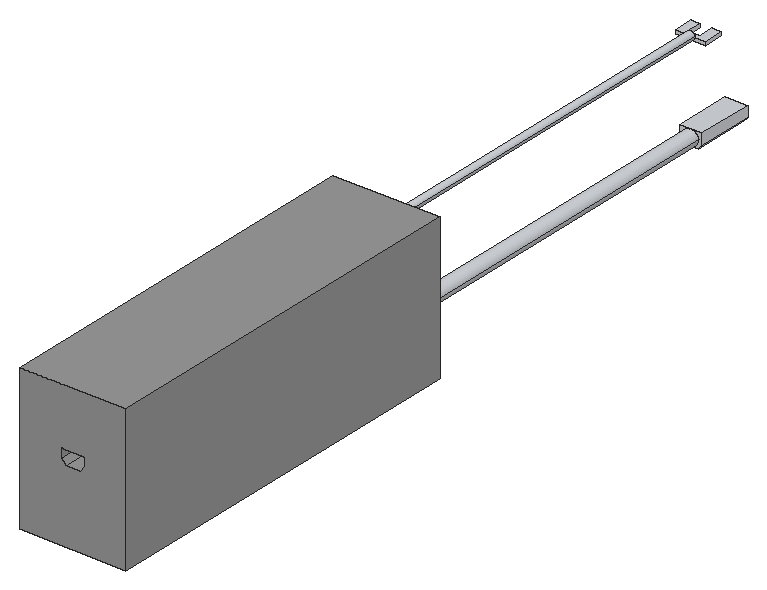
Revit family "Feinschutz für Ethernet-Netzwerke (Klasse D_CAT 5)", category Generic Models, Revit 2015
Parameters (values of type "RJ45 S-ATM 8-F")
  Width = 28 mm
  URL = "http://www.obo-bettermann.com"
  Material = Aluminum
  Manufacturer Art.No. = "5081990"
  Manufacturer = "OBO Bettermann"
  Length 1 = 218 mm
  Length = 103 mm
  Height = 38 mm
  GTIN = "4012196415694"
  Article Type = "RJ45 S-ATM 8-F"
Reference planes
  plane 1 "Center (Front/Back)": y = 0
  plane 2: z = 0
  plane 3 "Center (Left/Right)": x = 0
  plane 4: y = 103
  plane 5: y = 218
  plane 6: y = 15
  plane 7: y = 203
  plane 8: z = 31
  plane 9: z = 32
Forms (mm)
  Extrusion 1, solid, material "Aluminum" <- "Material"
    sketch origin (0, 0, 0) x (1, 0, 0) y (0, 0, 1)
      loop
        line (-14, 0) -> (14, 0) -> (14, 38) -> (-14, 38) -> (-14, 0)
    from 0 to -103
  Extrusion 2, void
    sketch origin (0, 0, 0) x (1, 0, 0) y (0, 0, 1)
      loop
        line (-3, 23) -> (-3, 20.555) -> (-2, 19) -> (2, 19) -> (3, 20.555) -> (3, 23) -> (-3, 23)
    from -15 to 0
  Extrusion 3, solid
    sketch origin (0, 0, 0) x (1, 0, 0) y (0, 0, 1)
      loop
        circle (0, 8) r 2
    from -203 to -103
  Extrusion 4, solid
    sketch origin (0, 0, 0) x (1, 0, 0) y (0, 0, 1)
      loop
        line (3, 9.998) -> (-3, 9.998) -> (-3, 7.081) -> (-2.012, 5.998) -> (2.026, 5.998) -> (3, 7.081) -> (3, 9.998)
    from -218 to -203
  Extrusion 5, solid
    sketch origin (0, 0, 0) x (1, 0, 0) y (0, 0, 1)
      loop
        circle (0, 31.995) r 1
    from -203 to -103
  Extrusion 6, solid
    sketch origin (0, 0, 0) x (1, 0, 0) y (0, 1, 0)
      loop
        line (4, 203) -> (4, 208) -> (1.5, 208) -> (1.5, 204) -> (-1.5, 204) -> (-1.5, 208) -> (-4, 208) -> (-4, 203) -> (4, 203)
    from 31 to 32
Cuts and joins
  Extrusion 2 cuts Extrusion 1
Dimensions and locks
  "Height": Extrusion 1 sketch curve to Extrusion 1 sketch curve
  "Width": Extrusion 1 sketch curve to Extrusion 1 sketch curve
  equal spacing: Extrusion 1 sketch curve, plane 3 "Center (Left/Right)", Extrusion 1 sketch curve, locked at 14 each
  "Length": plane 1 "Center (Front/Back)" to plane 4
  "Length 1": plane 5 to plane 1 "Center (Front/Back)"
  locked: Extrusion 2 sketch curve to Extrusion 2 sketch curve at 6
  equal spacing: Extrusion 2 sketch curve, plane 3 "Center (Left/Right)", Extrusion 2 sketch curve, locked at 3 each
  locked: Extrusion 2 sketch curve to Extrusion 2 sketch curve at 4  (x2)
  equal spacing: Extrusion 2 sketch curve, plane 3 "Center (Left/Right)", Extrusion 2 sketch curve, locked at 2 each
  locked: Extrusion 1 to Extrusion 2 sketch curve at 15
  locked: plane 6 to plane 1 "Center (Front/Back)" at 15
  locked: cut or joined group of Extrusion 1, Extrusion 2 to Extrusion 3 sketch curve at 8
  locked: plane 5 to plane 7 at 15
  locked: Extrusion 4 sketch curve to Extrusion 4 sketch curve at 6
  equal spacing: Extrusion 4 sketch curve, plane 3 "Center (Left/Right)", Extrusion 4 sketch curve, locked at 3 each
  locked: Extrusion 4 sketch curve to Extrusion 4 sketch curve at 4
  locked: cut or joined group of Extrusion 1, Extrusion 2 to Extrusion 4 sketch curve at 5.998
  locked: Extrusion 5 sketch curve to cut or joined group of Extrusion 1, Extrusion 2 at 6.005
  locked: Extrusion 6 sketch curve to Extrusion 5 at 1
  locked: Extrusion 6 sketch curve to Extrusion 6 sketch curve at 3
  equal spacing: Extrusion 6 sketch curve, plane 3 "Center (Left/Right)", Extrusion 6 sketch curve, locked at 1.5 each
  locked: Extrusion 6 sketch curve to Extrusion 6 sketch curve at 8
  equal spacing: Extrusion 6 sketch curve, plane 3 "Center (Left/Right)", Extrusion 6 sketch curve, locked at 4 each
  locked: Extrusion 6 sketch curve to plane 7 at 5
  locked: plane 8 to level at 31
  locked: plane 8 to plane 9 at 1
  radius of Extrusion 3 sketch curve = 2 mm
  radius of Extrusion 5 sketch curve = 1 mm
  aligned and locked: level to plane 2
  aligned and locked: Extrusion 1 sketch curve to level
  aligned and locked: plane 1 "Center (Front/Back)" to Extrusion 1
  aligned and locked: plane 4 to Extrusion 1
  aligned and locked: plane 1 "Center (Front/Back)" to Extrusion 2
  aligned and locked: Extrusion 2 to plane 6
  aligned and locked: plane 7 to Extrusion 3
  aligned and locked: Extrusion 3 to plane 4
  aligned and locked: plane 5 to Extrusion 4
  aligned and locked: Extrusion 4 to Extrusion 3
  aligned and locked: Extrusion 3 to Extrusion 5
  aligned and locked: Extrusion 5 to plane 4
  aligned and locked: plane 7 to Extrusion 6 sketch curve
  aligned and locked: plane 8 to Extrusion 6
  aligned and locked: Extrusion 6 sketch curve to Extrusion 6 sketch curve
Automatic sketch dimensions
  Extrusion 2 sketch curve to Extrusion 2 sketch curve = 1.555 mm  (x2)
  Extrusion 3 sketch curve to plane 3 "Center (Left/Right)" = 0 mm
  Extrusion 4 sketch curve to Extrusion 4 sketch curve = 0.974 mm
  Extrusion 4 sketch curve to Extrusion 4 sketch curve = 0.988 mm
  Extrusion 4 sketch curve to Extrusion 4 sketch curve = 1.083 mm  (x2)
  Extrusion 5 sketch curve to plane 3 "Center (Left/Right)" = 0 mm
